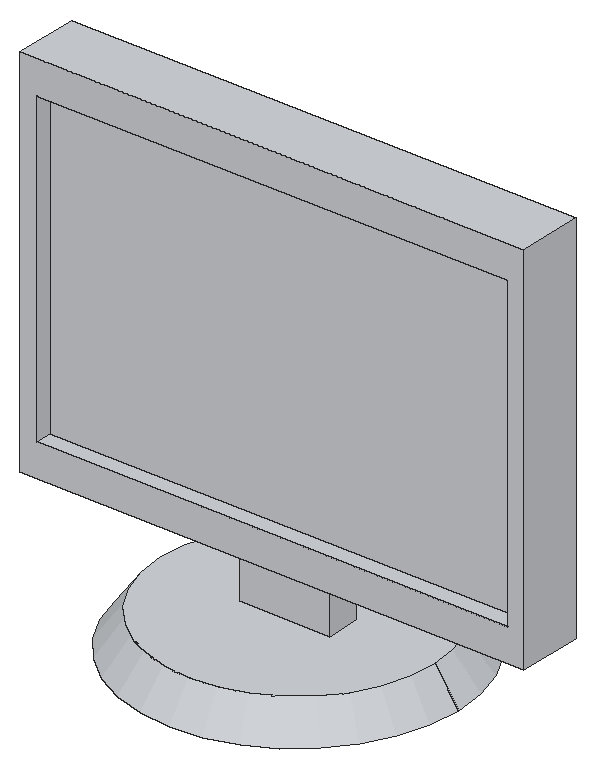
Revit family "M_TV - Quadrado", category Dispositivos de comunicação, Revit 2019
Family settings
  Manter orientação da anotação = Não
  Cota do conector redondo = Utilizar diâmetro
  Tipo de parte = Normal
  Número OmniClass = 23.85.10.17.11
  Título OmniClass = Audio-Visual System Components
  ID de item do Seek = TV - Square-0000-CAN-ENU
  Com base no plano de trabalho = Não
  Sempre na vertical = Sim
  Corte com vazios quando carregada = Não
  Compartilhado = Não
  Ponto de cálculo do ambiente = Não
Parameters (values of type "Padrão")
  Largura 1 = Largura * 0.4  # 98.4 mm
  Material da TV = none
  Largura = 246 mm
  Comprimento = 772 mm
  Altura 2 = 51 mm
  Altura 1 = 127 mm
  Altura = 577 mm
  Raio 1 = Largura * 0.85  # 209.1 mm
Reference planes
  plane 1 "Centro (Frente/Trás)": y = 0
  plane 2: z = 0
  plane 3 "Centro (Esquerda/Direita)": x = 0
  plane 4: z = 127
  plane 5: z = 704
  plane 6: x = -386
  plane 7: x = 386
  plane 8: y = 49.2
  plane 9: y = -49.2
  plane 10: z = 51
Forms (mm)
  Extrusion 1, solid, material <- "Material da TV"
    sketch origin (0, 0, 0) x (1, 0, 0) y (0, 0, 1)
      loop
        line (-386, 704) -> (-386, 127) -> (386, 127) -> (386, 704) -> (-386, 704)
    from -49.2 to 49.2
  Extrusion 2, solid, material <- "Material da TV"
    sketch origin (0, 0, 0) x (1, 0, 0) y (0, 1, 0)
      loop
        line (-69.173, 25.4) -> (-69.173, -25.4) -> (69.173, -25.4) -> (69.173, 25.4) -> (-69.173, 25.4)
    from 51 to 127
  Blend 3, solid, material <- "Material da TV"
    base sketch origin (0, 0, 0) x (1, 0, 0) y (0, 1, 0)
      loop
        circle (0, 0) r 246
    top sketch origin (0, 0, 0) x (1, 0, 0) y (0, 1, 0)
      loop
        circle (0, 0) r 209.1
    from 0 to 51
  Extrusion 4, void
    sketch origin (0, 0, 0) x (1, 0, 0) y (0, 0, 1)
      loop
        line (360.6, 653.2) -> (-360.6, 653.2) -> (-360.6, 177.8) -> (360.6, 177.8) -> (360.6, 653.2)
    from 49.2 to 23.8
Cuts and joins
  Extrusion 4 cuts Extrusion 1
  joined: Extrusion 1, Extrusion 2, Blend 3
Lines and regions (mm)
  symbolic lines, detail levels fine
    curve 1: line (386, 49.2, 0) -> (-386, 49.2, 0)
    curve 2: line (-386, 49.2, 0) -> (-386, -49.2, 0)
    curve 3: line (-386, -49.2, 0) -> (386, -49.2, 0)
    curve 4: line (386, -49.2, 0) -> (386, 49.2, 0)
    curve 5: arc (241.03, -49.2, 0) -> (0, -246, 0) -> (-241.03, -49.2, 0) r 246
    curve 6: arc (-241.03, 49.2, 0) -> (0, 246, 0) -> (241.03, 49.2, 0) r 246
    curve 7: arc (203.229, 49.2, 0) -> (0, 209.1, 0) -> (-203.229, 49.2, 0) r 209.1
    curve 8: arc (-203.229, -49.2, 0) -> (0, -209.1, 0) -> (203.229, -49.2, 0) r 209.1
Dimensions and locks
  "Altura 1": plane 4 to plane 2
  "Altura": plane 5 to plane 4
  equal spacing: plane 7, plane 3 "Centro (Esquerda/Direita)", plane 6
  "Comprimento": plane 7 to plane 6
  equal spacing: plane 9, plane 1 "Centro (Frente/Trás)", plane 8
  "Largura 1": plane 8 to plane 9
  "Altura 2": plane 10 to plane 2
  equal spacing: Extrusion 2 sketch curve, plane 3 "Centro (Esquerda/Direita)", Extrusion 2 sketch curve
  equal spacing: Extrusion 2 sketch curve, plane 1 "Centro (Frente/Trás)", Extrusion 2 sketch curve
  locked: Extrusion 4 to plane 9 at 25.4
  "Largura": radius of Blend 3 sketch curve
  "Raio 1": radius of Blend 3 sketch curve
  aligned and locked: plane 6 to Extrusion 1 sketch curve
  aligned and locked: Extrusion 1 sketch curve to plane 5
  aligned and locked: plane 4 to Extrusion 1 sketch curve
  aligned and locked: plane 7 to Extrusion 1 sketch curve
  aligned and locked: Extrusion 1 to plane 8
  aligned and locked: Extrusion 1 to plane 9
  aligned and locked: plane 4 to Extrusion 2
  aligned and locked: Extrusion 2 to plane 10
  aligned and locked: plane 1 "Centro (Frente/Trás)" to Blend 3 sketch curve  (x2)
  aligned and locked: plane 3 "Centro (Esquerda/Direita)" to Blend 3 sketch curve  (x2)
  aligned and locked: Blend 3 to plane 2
  aligned and locked: plane 10 to Blend 3
  aligned and locked: cut or joined group of Extrusion 1, Extrusion 2, Blend 3, Extrusion 4 to curve 1
  aligned and locked: curve 2 to cut or joined group of Extrusion 1, Extrusion 2, Blend 3, Extrusion 4
  aligned and locked: curve 3 to cut or joined group of Extrusion 1, Extrusion 2, Blend 3, Extrusion 4
  aligned and locked: curve 4 to cut or joined group of Extrusion 1, Extrusion 2, Blend 3, Extrusion 4
  aligned and locked: curve 5 to cut or joined group of Extrusion 1, Extrusion 2, Blend 3, Extrusion 4
  aligned and locked: curve 6 to cut or joined group of Extrusion 1, Extrusion 2, Blend 3, Extrusion 4
  aligned and locked: curve 7 to cut or joined group of Extrusion 1, Extrusion 2, Blend 3, Extrusion 4
  aligned and locked: curve 8 to cut or joined group of Extrusion 1, Extrusion 2, Blend 3, Extrusion 4
  aligned and locked: plane 1 "Centro (Frente/Trás)" to nested 1
  aligned and locked: plane 3 "Centro (Esquerda/Direita)" to nested 1
  aligned and locked: Extrusion 4 to plane 9
Automatic sketch dimensions
  Extrusion 2 sketch curve to plane 3 "Centro (Esquerda/Direita)" = 69.173 mm
  plane 1 "Centro (Frente/Trás)" to Extrusion 2 sketch curve = 25.4 mm
  plane 6 to Extrusion 4 sketch curve = 25.4 mm
  plane 7 to Extrusion 4 sketch curve = 25.4 mm
  plane 4 to Extrusion 4 sketch curve = 50.8 mm
  Extrusion 4 sketch curve to plane 5 = 50.8 mm
Nested families
  nested 1: "M_TV - Anotação do quadrado" at (0, 0, 0), type "TV - Anotação quadrada", detail levels coarse+medium
Connectors
  electrical at (0, 49.2, 415.5)
    settings: on cut or joined group of Extrusion 1, Extrusion 2, Blend 3, Extrusion 4, index 1, voltage 0 V, apparent load 0 VA, apparent load phase1 0 VA, apparent load phase2 0 VA, apparent load phase3 0 VA, power factor 1, load classification "Outros", number of poles 1, system type 14, power factor state 1, is connector primary yes, connector utility no, sub classification motor no, connector description ""
Definition of nested family "M_TV - Anotação do quadrado"
  Parameters
    Anotação de legenda 2 = "V"
    Anotação de legenda 1 = "T"
  Reference planes
    plane 1: y = 0
    plane 2: x = 0
  Lines and regions (mm)
    reference lines
      curve 1: line (-2.778, 3.005, 0) -> (-2.778, -10.052, 0)
      curve 2: line (2.778, 4.741, 0) -> (2.778, -10.052, 0)
      curve 3: line (-6.856, 2.778, 0) -> (8.926, 2.778, 0)
      curve 4: line (-9.435, -2.778, 0) -> (9.615, -2.778, 0)
    detail lines
      curve 5: line (-2.778, 2.778, 0) -> (2.778, 2.778, 0)
      curve 6: line (-2.778, -2.778, 0) -> (-2.778, 2.778, 0)
      curve 7: line (2.778, -2.778, 0) -> (-2.778, -2.778, 0)
      curve 8: line (2.778, 2.778, 0) -> (2.778, -2.778, 0)
  Text (mm)
    label "T" at (-1.65, -0.251, 0), shows "Anotação de legenda 1"
    label "V" at (0.032, -1.206, 0), shows "Anotação de legenda 2"
  Dimensions and locks
    locked: curve 1 to plane 2 at 2.778
    locked: plane 2 to curve 2 at 2.778
    equal spacing: curve 4, plane 1, curve 3
    locked: curve 4 to curve 3 at 5.556
    aligned and locked: curve 3 to curve 5
    aligned and locked: curve 6 to curve 1
    aligned and locked: curve 7 to curve 4
    aligned and locked: curve 2 to curve 8
